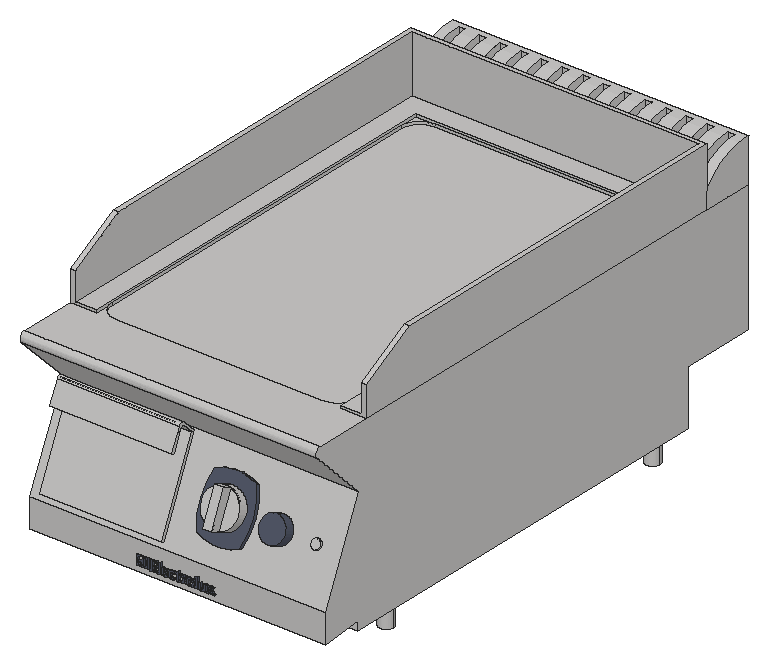
Revit family "QF_ELECTROLUXPROFESSIONAL_371412_E7IILTAOMCI", category Attrezzature speciali, Revit 2018 (continued)
Automatic sketch dimensions
  plane 1 "BACK" to Extrusion 23 sketch curve = 6.761 mm
  Extrusion 23 sketch curve to plane 4 "RIGHT" = 41.441 mm
  Extrusion 23 sketch curve to Extrusion 23 sketch curve = 9.296 mm
  Extrusion 23 sketch curve to Extrusion 23 sketch curve = 57.15 mm
  Sweep 24 sketch curve to plane 4 "RIGHT" = 35.025 mm
  plane 3 "LEFT" to Sweep 24 sketch curve = 35.025 mm
  Sweep 24 sketch curve to plane 12 = 42.753 mm
  plane 11 to Sweep 24 sketch curve = 47 mm  (x2)
  Sweep 24 sketch curve to plane 10 "TOP A" = 0 mm
  profile plane to Sweep 24 sketch curve = 0 mm
  profile plane to Sweep 24 sketch curve = 28.675 mm
  Sweep 24 sketch curve to Sweep 24 sketch curve = 6.35 mm
  plane 10 "TOP A" to Sweep 24 sketch curve = 3.175 mm
  Extrusion 25 sketch curve to Sweep 24 = 0 mm  (x2)
  Extrusion 25 sketch curve to Extrusion 25 sketch curve = 73.03 mm
  Extrusion 25 sketch curve to Sweep 24 = 40.481 mm
  Sweep 24 to Extrusion 26 sketch curve = 0 mm
  Extrusion 26 sketch curve to Sweep 24 = 0 mm
  Extrusion 26 sketch curve to Extrusion 26 sketch curve = 73.03 mm
  Extrusion 26 sketch curve to Sweep 24 = 40.481 mm
  plane 11 to curve 8 = 21.6 mm
  curve 10 to curve 11 = 25.4 mm
  curve 17 to curve 77 = 0 mm
  curve 76 to curve 77 = 25.4 mm
  curve 15 to curve 15 = 25.4 mm
  plane 7 "Center Y" to Extrusion 27 sketch curve = 17.271 mm
  Extrusion 27 sketch curve to Extrusion 27 sketch curve = 0 mm
  Extrusion 27 sketch curve to Extrusion 27 sketch curve = 12.3 mm  (x3)
  Extrusion 27 sketch curve to Extrusion 27 sketch curve = 34.925 mm  (x2)
  Extrusion 27 sketch curve to plane 7 "Center Y" = 8.456 mm
  Extrusion 27 sketch curve to Extrusion 27 sketch curve = 46.691 mm
  plane 7 "Center Y" to Extrusion 27 sketch curve = 17.889 mm
  Extrusion 27 sketch curve to Extrusion 27 sketch curve = 25.114 mm
  Extrusion 29 sketch curve to Extrusion 29 sketch curve = 24.732 mm
  Extrusion 29 sketch curve to Extrusion 29 sketch curve = 0 mm
  curve 14 to plane 5 "FRONT" = 0 mm
  Extrusion 30 sketch curve to Extrusion 1 = 65.471 mm
  Extrusion 1 to Extrusion 30 sketch curve = 84.881 mm
  Extrusion 31 sketch curve to Extrusion 1 = 65.471 mm
  Extrusion 1 to Extrusion 31 sketch curve = 34.081 mm
  Extrusion 1 sketch curve to plane 10 "TOP A" = 0 mm
  Extrusion 1 sketch curve to plane 9 "BASE" = 0 mm
  Extrusion 1 sketch curve to plane 1 "BACK" = 0 mm
  Extrusion 1 sketch curve to plane 12 = 46.038 mm
  plane 11 to Extrusion 1 sketch curve = 59.531 mm
  plane 9 "BASE" to Extrusion 1 sketch curve = 12.7 mm
  plane 11 to Extrusion 1 sketch curve = 62.516 mm
  Extrusion 1 sketch curve to plane 5 "FRONT" = 16.478 mm
  Extrusion 1 sketch curve to plane 5 "FRONT" = 7.366 mm
  Extrusion 1 sketch curve to plane 5 "FRONT" = 2.175 mm
  plane 9 "BASE" to Extrusion 1 sketch curve = 7.09 mm
  Extrusion 1 sketch curve to Extrusion 1 sketch curve = 38.1 mm
  plane 9 "BASE" to Extrusion 1 sketch curve = 74.612 mm
  Extrusion 1 sketch curve to plane 10 "TOP A" = 83.191 mm
  Extrusion 1 sketch curve to plane 10 "TOP A" = 12.532 mm
  plane 5 "FRONT" to curve 80 = 0 mm
  plane 5 "FRONT" to curve 79 = 0 mm
  plane 3 "LEFT" to curve 80 = 12.7 mm
  curve 79 to plane 7 "Center Y" = 22.225 mm
  plane 5 "FRONT" to curve 78 = 52.387 mm
  radius of Extrusion 3 sketch curve = 9.525 mm  (x4)
  radius of Extrusion 5 sketch curve = 6.35 mm
  radius of Extrusion 28 sketch curve = 25.4 mm
  radius of Extrusion 29 sketch curve to Extrusion 28 = 0 mm  (x2)
  radius of Extrusion 30 sketch curve = 17.78 mm
  radius of Extrusion 31 sketch curve = 6.35 mm
Connectors
  piping at (347.663, -98.425, 57.718), diameter 12.7, driven by "Gas Size"
    settings: on Extrusion 5, index 1, connector inside diameter 1/2", connector length 0 mm, flow factor 0, pipe flow 0 GPM, pressure drop 0.00 psi, fitting loss kfactor 0, connector angle 0.00°, fixture units 0, engagement length 0 mm, angle of deflection 0.00°, flow configuration 1, flow direction 1, fitting loss method 0, system type 7, joint type 0, gender type 0, connector reference index -1, connector utility 0, adjustable connector no, is connector primary yes, connector description "Gas Connection"
Types (2, lengths in mm): name | URL | Modello | Produttore | Gas Size | Descrizione
  (no name) | "www.electrolux.com/foodservice" | "371030" | "ELECTROLUX" | 0" | "700XP Half Module Gas Fry Top, Ribbed Plate, Mild Steel"
  Standard | "https://www.electroluxprofessional.com/" | "E7IILTAOMCI" | "Electrolux Professional" | 1/2" | "GAS FRY TOP-RIBBED PLATE 400MM-BRUSHED CHROME - QMARK"
